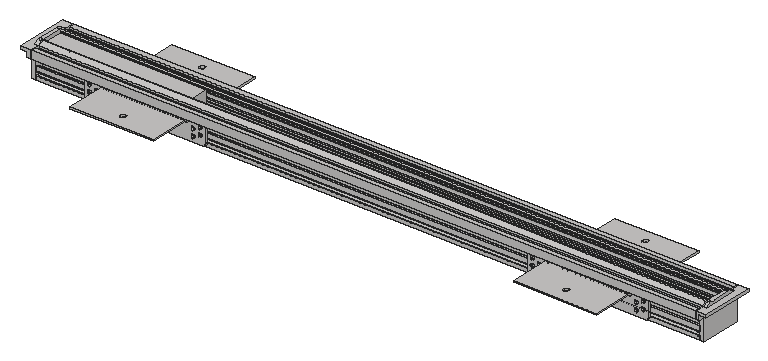
Revit family "Lighting - Luminii - Stenos - Trimless Recessed Track Master Assembly", category Lighting Fixtures, host Face, Revit 2020
Family settings
  Host = Face
  Round Connector Dimension = Use Diameter
  Part Type = Normal
  OmniClass Number = 23.80.70.11.14.21
  OmniClass Title = Spots and Tracklight Specialties
  Cut with Voids When Loaded = No
  Light Source = No
  Shared = Yes
  Room Calculation Point = No
Parameters (values of type "Stenos Trimless - 24"")
  Width = 1.92"  # constant formula
  Wattage Comments = "96 W Max per Track"  # constant formula
  Warranty URL = "https://www.luminii.com/terms-conditions/"
  Voltage Comments = "24 VDC"  # constant formula
  Voltage = 24 V  # constant formula
  Version = "2020 - v1.0a"  # constant formula
  URL = "https://www.luminii.com/"
  Support Phone = "224-699-9545"  # constant formula
  Support Email = "mailto:support@bimsmith.com"
  Right Power Module = no
  Right Cap [instance] = yes
  Product Page URL = "https://www.luminii.com/product/stenos-recessed-trimless-track/"
  Power Source Type = "Driver"  # constant formula
  Power Factor = 1
  Phase = 1
  Orientation 2 [instance] = not(Orientation 1)  # no
  Orientation 1 [instance] = yes
  Number of Poles = if(and(or(Voltage = 120 V, Voltage = 277 V), Phase = 1), 1, if(and(or(Voltage = 208 V, Voltage = 240 V), Phase = 1), 2, if(and(or(Voltage = 208 V, Voltage = 240 V), Phase = 3), 3, if(and(Voltage > 300 V, Phase = 1), 2, if(and(Voltage > 400 V, Phase = 3), 3, 1)))))  # 1
  Model = "STL"  # constant formula
  Manufacturer Phone Number = "403-216-7043"  # constant formula
  Manufacturer Email = "mailto: info@sensolighting.com"
  Manufacturer Address = "302 50 Ave SE. Calgary, Alberta, T2G 2A9 Canada"  # constant formula
  Manufacturer = "Luminii"  # constant formula
  Load Classification = Lighting
  Length = if(Constraints = 1, 24", if(Constraints = 2, 48", if(Constraints = 3, 96", if(Constraints = 4, 144", 24"))))  # 24"
  Left Power Module [instance] = yes
  Left Cap [instance] = yes
  Lamp = "N/A"  # constant formula
  Keynote = "26 50 00"
  Hole Location Option = 1
  Hole Location Description [instance] = if(Orientation 1, (if(Hole Location Option = 1, "A", if(Hole Location Option = 2, "B", if(Hole Location Option = 3, "C", if(Hole Location Option = 4, "D", "Not Valid Configuration"))))), (if(Hole Location Option = 1, "E", if(Hole Location Option = 2, "F", if(Hole Location Option = 3, "G", if(Hole Location Option = 4, "H", "Not Valid Configuration"))))))  # "A"
  Frequency Comments = ""  # constant formula
  Frequency = 60 Hz
  Finish = Metal - Luminii - Silver Anodized Aluminum
  Environment = "Indoor"  # constant formula
  Drywall Thickness [instance] = if(Orientation 1, (if(Hole Location Option = 1, 3" / 8, if(Hole Location Option = 2, 1" / 2, if(Hole Location Option = 3, 5" / 8, 3" / 4)))), (if(Hole Location Option = 1, 3" / 4 + 0.1252", if(Hole Location Option = 2, 7" / 8 + 0.1252", if(Hole Location Option = 3, 1" + 0.1252", 1.1252" + 0.1252")))))  # 3/8"
  Description = "Recessed Micro Optic Track System"  # constant formula
  Depth = 1 1/8"  # constant formula
  Default Elevation = 0"  # constant formula
  Current Amps = 50 A
  Copyright = "©2023 Luminii"  # constant formula
  Constraints = 1
  built-in parameter 1114216 [instance] = 0  # (empty or 0)
  built-in parameter 1140040 [instance] = 1 = 1  # 1
  C Right Cap Offset [instance] = if(Right Cap, 0.3752", 0")  # 0.3752"
  C Length Mid = Length / 2  # 12"
  C Left Cap Offset [instance] = if(Left Cap, 0.3752", 0")  # 0.3752"
  C End Cap Right [instance] = if(Right Cap, 1" / 8, 0")  # 1/8"
  C End Cap Left [instance] = if(Left Cap, 1" / 8, 0")  # 1/8"
  Assembly Comments [instance] = "Consult Manufacturer Website for more Information"  # constant formula
  Assembly Code = "D5020230"
  Apparent Load = 4 VA  # constant formula
Types (4): name | Length | Constraints | C Length Mid
  Stenos Trimless - 24" | 24" | 1 | 12"
  Stenos Trimless - 48" | 48" | 2 | 24"
  Stenos Trimless - 96" | 96" | 3 | 48"
  Stenos Trimless - 144" | 144" | 4 | 72"
Reference planes (in)
  plane 1 "Center (Front/Back)": y = 0
  plane 2: z = 0
  plane 3 "Center (Left/Right)": x = 0
  plane 4: x = -12
  plane 5: x = 12
  plane 6: y = 0.96
  plane 7: y = -0.96
  plane 8 "A": z = 0
  plane 9: x = -12.125
  plane 10: x = 12.125
  plane 11: z = 3.115
Forms (in)
  Extrusion 1, solid, material "Metal - Luminii - Silver Anodized Aluminum", not visible
    sketch origin (0, 0, 0) x (1, 0, 0) y (0, 1, 0)
      loop
        circle (0, 0) r 0.5
    from 0 to -0.17225
  Sweep 2, void
    path origin (0, 0, 0) x (1, 0, 0) y (0, 1, 0)
      loop
        line (12.3752, 0) -> (-12.3752, 0)
    profile origin (0, 0, 0) x (0, -1, 0) y (0, 0, 1)
      loop
        line (-0.96, 0) -> (-0.96, -1.047) -> (0.96, -1.047) -> (0.96, 0) -> (-0.96, 0)
Dimensions and locks (in)
  equal spacing: plane 4, plane 3 "Center (Left/Right)", plane 5
  equal spacing: plane 6, plane 1 "Center (Front/Back)", plane 7
  "Width": plane 6 to plane 7
  "C End Cap Right": plane 5 to plane 10
  "C End Cap Left": plane 9 to plane 4
  level to Sweep 2 sketch curve = 1.047"
  "C Length Mid": plane 4 to plane 3 "Center (Left/Right)"
  "C Length Mid": plane 3 "Center (Left/Right)" to plane 5
  "C Left Cap Offset": Sweep 2 sketch curve to plane 4
  "C Right Cap Offset": plane 5 to Sweep 2 sketch curve
  aligned and locked: host face to plane 2
  aligned and locked: plane 3 "Center (Left/Right)" to Extrusion 1 sketch curve
  aligned and locked: plane 1 "Center (Front/Back)" to Extrusion 1 sketch curve
  aligned and locked: plane 2 to Extrusion 1  (x2)
  aligned and locked: nested 1 to plane 4
  aligned and locked: plane 1 "Center (Front/Back)" to nested 1
  aligned and locked: plane 4 to nested 2
  aligned and locked: plane 1 "Center (Front/Back)" to nested 2
  aligned and locked: plane 5 to nested 3
  aligned and locked: plane 1 "Center (Front/Back)" to nested 3
  aligned and locked: Sweep 2 sketch curve to level
  aligned and locked: Sweep 2 sketch curve to plane 6
  aligned and locked: plane 7 to Sweep 2 sketch curve
Automatic sketch dimensions
  host sketch curve to host sketch curve = 193.24349"
  host sketch curve to host sketch curve = 99"
  plane 1 "Center (Front/Back)" to Sweep 2 sketch curve = 0"
  radius of Extrusion 1 sketch curve = 1/2"
Nested families (in)
  nested 1: "Nested - Track" at (0, 0, 0), type "Nested - Track"
  nested 2: "Nested - Stopper" at (-9.35827, 0, 0), visible <- "Left Power Module", type "Nested - Stopper"
  nested 3: "Nested - Stopper" at (9.35827, 0, 0), visible <- "Right Power Module", type "Nested - Stopper"
Connectors (in)
  electrical at (0, 0, 0), driven by "Number of Poles", driven by "Load Classification", driven by "Voltage", driven by "Apparent Load", driven by "Power Factor"
    settings: on Extrusion 1, index 1, voltage 24 V, apparent load 4 VA, apparent load phase1 0 VA, apparent load phase2 0 VA, apparent load phase3 0 VA, power factor 1, load classification "Lighting", number of poles 1, system type 30, power factor state 1, is connector primary yes, connector utility no, sub classification motor no, connector description "Power Connection"
Definition of nested family "Nested - Track"
  Parameters (values of type "Nested - Track")
    Support Count = (roundup((Length - 8") / 18") + 1)  # 2
    Right Cap = yes
    Orientation 2 = not(Orientation 1)  # no
    Orientation 1 = yes
    Length = 24"
    Left Cap = yes
    Hole Location Option = 1
    Finish = none
    Drywall Thickness = if(Orientation 1, (if(Hole Location Option = 1, 3" / 8, if(Hole Location Option = 2, 1" / 2, if(Hole Location Option = 3, 5" / 8, 3" / 4)))), (if(Hole Location Option = 1, 3" / 4 + 1/8", if(Hole Location Option = 2, 7" / 8 + 1/8", if(Hole Location Option = 3, 1" + 1/8", 1 1/8" + 1/8")))))  # 3/8"
    Default Elevation = 48"
  Reference planes (in)
    plane 1 "Center (Front/Back)": y = 0
    plane 2: z = 0
    plane 3 "Center (Left/Right)": x = 0
    plane 4: x = -12
    plane 5: x = 12
    plane 6: x = 12.125
    plane 7: x = -12.125
    plane 8 "A": z = -0.375
    plane 9: x = 8
    plane 10: x = -8
  Forms (in)
    Extrusion 1, solid
      sketch origin (0, 0, 0) x (1, 0, 0) y (0, 1, 0)
        loop
          line (-48, 48) -> (-48, -48) -> (48, -48) -> (48, 48) -> (-48, 48)
      from 0 to -12
    Sweep 2, solid, material <- "Finish"
      path origin (0, 0, 0) x (1, 0, 0) y (0, 1, 0)
        loop
          line (-12, 0) -> (12, 0)
      profile origin (0, 0, 0) x (0, 1, 0) y (0, 0, 1)
        loop
          arc (0.44085, 0.09263) -> (0.41709, 0.10064) -> (0.39203, 0.1) r 0.07178
          line (0.39203, 0.1) -> (0.3545, 0.04749) -> (0.3545, 0.015) -> (0.4195, 0.015) -> (0.4195, -0.085) -> (0.3545, -0.085)
          arc (0.3545, -0.085) -> (0.36511, -0.15259) -> (0.3545, -0.22018) r 0.2206
          arc (0.3545, -0.22018) -> (0.343, -0.25148) -> (0.35375, -0.28305) r 0.05
          arc (0.35375, -0.28305) -> (0.36416, -0.30825) -> (0.35982, -0.33516) r 0.05
          line (0.35982, -0.33516) -> (0.3385, -0.38087) -> (0.3385, -0.453) -> (0.3935, -0.453) -> (0.3935, -0.563) -> (0.2575, -0.563) -> (0.2575, -0.61418) -> (0.33858, -0.61418) -> (0.33858, -0.68505) -> (0, -0.68505) -> (-0.33858, -0.68505) -> (-0.33858, -0.61418) -> (-0.2575, -0.61418) -> (-0.2575, -0.563) -> (-0.3935, -0.563) -> (-0.3935, -0.453) -> (-0.3385, -0.453) -> (-0.3385, -0.38087) -> (-0.35982, -0.33516)
          arc (-0.35982, -0.33516) -> (-0.36416, -0.30825) -> (-0.35375, -0.28305) r 0.05
          arc (-0.35375, -0.28305) -> (-0.343, -0.25148) -> (-0.3545, -0.22018) r 0.05
          arc (-0.3545, -0.22018) -> (-0.36511, -0.15259) -> (-0.3545, -0.085) r 0.2206
          line (-0.3545, -0.085) -> (-0.4195, -0.085) -> (-0.4195, 0.015) -> (-0.3545, 0.015) -> (-0.3545, 0.04749) -> (-0.39203, 0.1)
          arc (-0.39203, 0.1) -> (-0.41709, 0.10064) -> (-0.44085, 0.09263) r 0.07178
          line (-0.44085, 0.09263) -> (-0.61, 0) -> (-0.61, -0.07) -> (-0.5025, -0.07) -> (-0.5025, -0.205) -> (-0.8875, -0.205) -> (-0.8875, -0.07) -> (-0.78, -0.07) -> (-0.78, 0) -> (-0.9575, 0) -> (-0.9575, -0.275) -> (-0.65895, -0.275) -> (-0.65895, -0.32788) -> (-0.7425, -0.32788) -> (-0.7425, -0.39288) -> (-0.65156, -0.39288) -> (-0.58578, -0.36894)
          arc (-0.58578, -0.36894) -> (-0.4705, -0.2955) -> (-0.54394, -0.41078) r 0.07
          line (-0.54394, -0.41078) -> (-0.56788, -0.47656)
          arc (-0.56788, -0.47656) -> (-0.53233, -0.48446) -> (-0.49594, -0.48292) r 0.14
          arc (-0.49594, -0.48292) -> (-0.47963, -0.48731) -> (-0.4725, -0.50262) r 0.02
          line (-0.4725, -0.50262) -> (-0.4725, -0.712) -> (-0.6725, -0.712) -> (-0.6725, -0.592) -> (-0.7425, -0.592) -> (-0.7425, -0.77975)
          arc (-0.7425, -0.77975) -> (-0.72782, -0.78945) -> (-0.71188, -0.782) r 0.018
          line (-0.71188, -0.782) -> (-0.5105, -0.792) -> (-0.5105, -0.897) -> (-0.71188, -0.907)
          arc (-0.71188, -0.907) -> (-0.72782, -0.89955) -> (-0.7425, -0.90925) r 0.018
          line (-0.7425, -0.90925) -> (-0.7425, -1.047) -> (-0.6725, -1.047) -> (-0.6725, -0.977) -> (-0.31126, -0.977) -> (-0.2925, -0.907) -> (-0.3925, -0.907) -> (-0.3925, -0.772) -> (0.3925, -0.772) -> (0.3925, -0.907) -> (0.2925, -0.907) -> (0.31126, -0.977) -> (0.6725, -0.977) -> (0.6725, -1.047) -> (0.7425, -1.047) -> (0.7425, -0.90925)
          arc (0.7425, -0.90925) -> (0.72782, -0.89955) -> (0.71188, -0.907) r 0.018
          line (0.71188, -0.907) -> (0.5105, -0.897) -> (0.5105, -0.792) -> (0.71188, -0.782)
          arc (0.71188, -0.782) -> (0.72782, -0.78945) -> (0.7425, -0.77975) r 0.018
          line (0.7425, -0.77975) -> (0.7425, -0.592) -> (0.6725, -0.592) -> (0.6725, -0.712) -> (0.4725, -0.712) -> (0.4725, -0.50262)
          arc (0.4725, -0.50262) -> (0.47963, -0.48731) -> (0.49594, -0.48292) r 0.02
          arc (0.49594, -0.48292) -> (0.53233, -0.48446) -> (0.56788, -0.47656) r 0.14
          line (0.56788, -0.47656) -> (0.54394, -0.41078)
          arc (0.54394, -0.41078) -> (0.4705, -0.2955) -> (0.58578, -0.36894) r 0.07
          line (0.58578, -0.36894) -> (0.65156, -0.39288) -> (0.7425, -0.39288) -> (0.7425, -0.32788) -> (0.65895, -0.32788) -> (0.65895, -0.275) -> (0.9575, -0.275) -> (0.9575, 0) -> (0.78, 0) -> (0.78, -0.07) -> (0.8875, -0.07) -> (0.8875, -0.205) -> (0.5025, -0.205) -> (0.5025, -0.07) -> (0.61, -0.07) -> (0.61, 0) -> (0.44085, 0.09263)
    Sweep 3, solid, material <- "Finish", visible <- "Right Cap"
      path origin (28, 0, 0) x (1, 0, 0) y (0, 1, 0)
        loop
          line (-16, 0) -> (-15.875, 0)
      profile origin (12.0625, 0, 0) x (0, 1, 0) y (0, 0, 1)
        loop
          line (0.9575, 0) -> (0.61, 0) -> (0.44085, 0.09263)
          arc (0.44085, 0.09263) -> (0.41709, 0.10064) -> (0.39203, 0.1) r 0.07178
          line (0.39203, 0.1) -> (-0.39203, 0.1)
          arc (-0.39203, 0.1) -> (-0.41709, 0.10064) -> (-0.44085, 0.09263) r 0.07178
          line (-0.44085, 0.09263) -> (-0.61, 0) -> (-0.9575, 0) -> (-0.9575, -0.275) -> (-0.7425, -0.275) -> (-0.7425, -1.047) -> (0.7425, -1.047) -> (0.7425, -0.275) -> (0.9575, -0.275) -> (0.9575, 0)
    Extrusion 4, solid, material <- "Finish", visible <- "Right Cap"
      sketch origin (0, 0, 0) x (1, 0, 0) y (0, 1, 0)
        loop
          line (12.375, 0.9575) -> (12.125, 0.9575) -> (12.125, -0.9575) -> (12.375, -0.9575) -> (12.375, 0.9575)
      from 0 to -0.1
    Sweep 5, solid, material <- "Finish", visible <- "Left Cap"
      path origin (-28, 0, 0) x (-1, 0, 0) y (0, 1, 0)
        loop
          line (-16, 0) -> (-15.875, 0)
      profile origin (-12.0625, 0, 0) x (0, -1, 0) y (0, 0, 1)
        loop
          line (0.39203, 0.1) -> (-0.39203, 0.1)
          arc (-0.39203, 0.1) -> (-0.41709, 0.10064) -> (-0.44085, 0.09263) r 0.07178
          line (-0.44085, 0.09263) -> (-0.61, 0) -> (-0.9575, 0) -> (-0.9575, -0.275) -> (-0.7425, -0.275) -> (-0.7425, -1.047) -> (0.7425, -1.047) -> (0.7425, -0.275) -> (0.9575, -0.275) -> (0.9575, 0) -> (0.61, 0) -> (0.44085, 0.09263)
          arc (0.44085, 0.09263) -> (0.41709, 0.10064) -> (0.39203, 0.1) r 0.07178
    Extrusion 6, solid, material <- "Finish", visible <- "Left Cap"
      sketch origin (0, 0, 0) x (-1, 0, 0) y (0, -1, 0)
        loop
          line (12.375, -0.9575) -> (12.375, 0.9575) -> (12.125, 0.9575) -> (12.125, -0.9575) -> (12.375, -0.9575)
      from 0 to -0.1
  Cuts and joins
    joined: Sweep 3, Extrusion 4
    joined: Sweep 5, Extrusion 6
  Dimensions and locks (in)
    equal spacing: plane 4, plane 3 "Center (Left/Right)", plane 5
    "Length": plane 4 to plane 5
    locked: plane 7 to plane 4 at 0.125
    locked: plane 5 to plane 6 at 0.125
    locked: plane 6 to cut or joined group of Sweep 3, Extrusion 4 at 0.25
    locked: Extrusion 6 to plane 7 at 0.25
    "Drywall Thickness": plane 2 to plane 8 "A"
    locked: plane 5 to plane 9 at 4
    locked: plane 10 to plane 4 at 4
    group 1 to group 2 = 16"
    group 1 to group 2 = 0"  (x2)
    aligned and locked: plane 2 to Extrusion 1
    aligned and locked: level to Extrusion 1
    aligned and locked: plane 4 to Sweep 2 sketch curve
    aligned and locked: plane 1 "Center (Front/Back)" to Sweep 2 sketch curve
    aligned and locked: plane 5 to Sweep 2 sketch curve
    aligned and locked: plane 1 "Center (Front/Back)" to Sweep 3 sketch curve
    aligned and locked: plane 6 to Sweep 3 sketch curve
    aligned and locked: plane 5 to Sweep 3 sketch curve
    aligned and locked: plane 7 to Sweep 5 sketch curve
    aligned and locked: plane 4 to Sweep 5 sketch curve
    aligned and locked: Sweep 5 sketch curve to plane 1 "Center (Front/Back)"
    aligned and locked: Extrusion 6 to plane 7
    aligned and locked: cut or joined group of Sweep 3, Extrusion 4 to plane 6
    aligned and locked: plane 1 "Center (Front/Back)" to nested 1
    aligned and locked: plane 10 to nested 1
    aligned and locked: plane 9 to nested 2
    aligned and locked: plane 1 "Center (Front/Back)" to nested 2
  Automatic sketch dimensions
    Extrusion 1 sketch curve to Extrusion 1 sketch curve = 96"  (x2)
    Sweep 2 sketch curve to Sweep 2 sketch curve = 0"  (x8)
    Sweep 2 sketch curve to level = 0"  (x4)
    Sweep 2 sketch curve to profile plane = 0"
    profile plane to Sweep 2 sketch curve = 0.14451"
    profile plane to Sweep 2 sketch curve = 0.2575"
    profile plane to Sweep 2 sketch curve = 0.2925"
    Sweep 2 sketch curve to Sweep 2 sketch curve = 0.01876"  (x2)
    Sweep 2 sketch curve to Sweep 2 sketch curve = 0.16999"  (x2)
    Sweep 2 sketch curve to Sweep 2 sketch curve = 0.024"  (x2)
    Sweep 2 sketch curve to Sweep 2 sketch curve = 0.08108"  (x2)
    level to Sweep 2 sketch curve = 0.015"  (x2)
    Sweep 2 sketch curve to Sweep 2 sketch curve = 0.20999"  (x2)
    Sweep 2 sketch curve to Sweep 2 sketch curve = 0.04532"  (x2)
    level to Sweep 2 sketch curve = 0.1"  (x2)
    Sweep 2 sketch curve to Sweep 2 sketch curve = 0.03753"  (x2)
    Sweep 2 sketch curve to Sweep 2 sketch curve = 0.1"
    Sweep 2 sketch curve to Sweep 2 sketch curve = 0.03318"  (x2)
    Sweep 2 sketch curve to Sweep 2 sketch curve = 0.05492"
    Sweep 2 sketch curve to Sweep 2 sketch curve = 0.05187"  (x2)
    Sweep 2 sketch curve to Sweep 2 sketch curve = 0.01313"  (x2)
    level to Sweep 2 sketch curve = 0.09263"  (x2)
    Sweep 2 sketch curve to Sweep 2 sketch curve = 0.04882"  (x2)
    Sweep 2 sketch curve to Sweep 2 sketch curve = 0.079"
    Sweep 2 sketch curve to Sweep 2 sketch curve = 0.02"  (x2)
    Sweep 2 sketch curve to Sweep 2 sketch curve = 0.1095"
    Sweep 2 sketch curve to Sweep 2 sketch curve = 0.038"
    Sweep 2 sketch curve to Sweep 2 sketch curve = 0.0175"  (x2)
    Sweep 2 sketch curve to Sweep 2 sketch curve = 0.02394"  (x6)
    Sweep 2 sketch curve to level = 0.36894"  (x2)
    Sweep 2 sketch curve to Sweep 2 sketch curve = 0.04184"  (x4)
    Sweep 2 sketch curve to Sweep 2 sketch curve = 0.1075"  (x4)
    Sweep 2 sketch curve to Sweep 2 sketch curve = 0.06578"  (x4)
    Sweep 2 sketch curve to Sweep 2 sketch curve = 0.00739"  (x2)
    Sweep 2 sketch curve to Sweep 2 sketch curve = 0.162"  (x4)
    Sweep 2 sketch curve to Sweep 2 sketch curve = 0.03938"  (x4)
    Sweep 2 sketch curve to Sweep 2 sketch curve = 0.01462"  (x4)
    Sweep 2 sketch curve to Sweep 2 sketch curve = 0.07"  (x11)
    Sweep 2 sketch curve to Sweep 2 sketch curve = 0.09094"
    Sweep 2 sketch curve to level = 0.07"  (x2)
    Sweep 2 sketch curve to Sweep 2 sketch curve = 0.17"  (x2)
    Sweep 2 sketch curve to profile plane = 0.14451"
    Sweep 2 sketch curve to profile plane = 0.2575"
    Sweep 2 sketch curve to profile plane = 0.2925"
    Sweep 2 sketch curve to level = 0.085"  (x2)
    Sweep 2 sketch curve to Sweep 2 sketch curve = 0.05392"
    Sweep 2 sketch curve to Sweep 2 sketch curve = 0.055"
    Sweep 2 sketch curve to Sweep 2 sketch curve = 0.08"  (x3)
    Sweep 2 sketch curve to Sweep 2 sketch curve = 0.083"
    Sweep 2 sketch curve to Sweep 2 sketch curve = 0.118"
    Sweep 2 sketch curve to Sweep 2 sketch curve = 0.016"
    Sweep 2 sketch curve to Sweep 2 sketch curve = 0.08355"
    Sweep 2 sketch curve to Sweep 2 sketch curve = 0.01193"  (x2)
    Sweep 2 sketch curve to Sweep 2 sketch curve = 0.07213"  (x2)
    Sweep 2 sketch curve to Sweep 2 sketch curve = 0.04962"  (x2)
    Sweep 2 sketch curve to Sweep 2 sketch curve = 0.11"
    Sweep 2 sketch curve to Sweep 2 sketch curve = 0.06038"
    Sweep 2 sketch curve to Sweep 2 sketch curve = 0.19912"  (x2)
    Sweep 2 sketch curve to Sweep 2 sketch curve = 0.05118"  (x2)
    Sweep 2 sketch curve to Sweep 2 sketch curve = 0.07087"
    Sweep 2 sketch curve to Sweep 2 sketch curve = 0.02695"  (x2)
    Sweep 2 sketch curve to Sweep 2 sketch curve = 0.0595"  (x2)
    Sweep 2 sketch curve to Sweep 2 sketch curve = 0.06"
    Sweep 2 sketch curve to Sweep 2 sketch curve = 0.00825"  (x2)
    Sweep 2 sketch curve to Sweep 2 sketch curve = 0.105"  (x2)
    Sweep 2 sketch curve to Sweep 2 sketch curve = 0.01"
    Sweep 2 sketch curve to Sweep 2 sketch curve = 0.135"
    Sweep 2 sketch curve to Sweep 2 sketch curve = 1/8"  (x2)
    Sweep 2 sketch curve to Sweep 2 sketch curve = 0.00225"  (x2)
    Sweep 2 sketch curve to Sweep 2 sketch curve = 0.04571"  (x2)
    Sweep 2 sketch curve to Sweep 2 sketch curve = 0.065"  (x2)
    Sweep 2 sketch curve to Sweep 2 sketch curve = 0.02113"  (x2)
    Sweep 2 sketch curve to Sweep 2 sketch curve = 0.05288"  (x2)
    Sweep 2 sketch curve to Sweep 2 sketch curve = 0.08308"  (x2)
    Sweep 2 sketch curve to Sweep 2 sketch curve = 0.04708"  (x2)
    Sweep 2 sketch curve to level = 0.15259"  (x2)
    Sweep 2 sketch curve to Sweep 2 sketch curve = 0.03249"  (x2)
    Sweep 3 sketch curve to level = 0"  (x2)
    profile plane to Sweep 3 sketch curve = 0.9575"
    Sweep 3 sketch curve to Sweep 3 sketch curve = 0.215"  (x2)
    Sweep 3 sketch curve to Sweep 3 sketch curve = 0.1325"  (x2)
    level to Sweep 3 sketch curve = 0.09263"  (x2)
    Sweep 3 sketch curve to Sweep 3 sketch curve = 0.16915"  (x2)
    level to Sweep 3 sketch curve = 0.02967"  (x2)
    Sweep 3 sketch curve to Sweep 3 sketch curve = 0.03447"
    Sweep 3 sketch curve to Sweep 3 sketch curve = 0.04882"
    Sweep 3 sketch curve to profile plane = 0.39203"
    Sweep 3 sketch curve to Sweep 3 sketch curve = 0.01434"
    Sweep 3 sketch curve to Sweep 3 sketch curve = 0.275"  (x2)
    Extrusion 4 sketch curve to plane 6 = 0"
    plane 6 to Extrusion 4 sketch curve = 1/4"
    plane 1 "Center (Front/Back)" to Extrusion 4 sketch curve = 0.9575"
    Extrusion 4 sketch curve to plane 1 "Center (Front/Back)" = 0.9575"
    Sweep 5 sketch curve to level = 0"  (x2)
    Sweep 5 sketch curve to Sweep 5 sketch curve = 0.1325"
    level to Sweep 5 sketch curve = 0.09263"  (x2)
    Sweep 5 sketch curve to Sweep 5 sketch curve = 0.16915"  (x2)
    level to Sweep 5 sketch curve = 0.02967"  (x2)
    Sweep 5 sketch curve to Sweep 5 sketch curve = 0.03447"
    Sweep 5 sketch curve to Sweep 5 sketch curve = 0.04882"
    Sweep 5 sketch curve to profile plane = 0.39203"
    Sweep 5 sketch curve to Sweep 5 sketch curve = 0.01434"
    Sweep 5 sketch curve to Sweep 5 sketch curve = 0.215"  (x2)
    Sweep 5 sketch curve to level = 0.275"
    Sweep 5 sketch curve to Sweep 5 sketch curve = 0.275"
    Extrusion 6 sketch curve to plane 7 = 0"
    Extrusion 6 sketch curve to plane 7 = 1/4"
    Extrusion 6 sketch curve to plane 1 "Center (Front/Back)" = 0.9575"
    plane 1 "Center (Front/Back)" to Extrusion 6 sketch curve = 0.9575"
    Sweep 3 sketch curve to Sweep 3 sketch curve = 0.772"
    Sweep 5 sketch curve to Sweep 5 sketch curve = 0.772"
    profile plane to Sweep 5 sketch curve = 0.7425"
    Sweep 5 sketch curve to Sweep 5 sketch curve = 1.485"
  Nested families (in)
    nested 1: "Nested - Support" at (-8, 0, -0.375), type "Default"
      with Orientation 2 yes, Orientation 1 no
    nested 2: "Nested - Support" at (8, 0, -0.375), type "Default"
      with Orientation 2 yes, Orientation 1 no
  Definition of nested family "Nested - Support"
    Parameters (values of type "Family3")
      Orientation 2 = no
      Orientation 1 = not(Orientation 2)  # yes
      Material = none
      Default Elevation = 48"
    Reference planes (in)
      plane 1 "Center (Front/Back)": y = 0
      plane 2: z = 0
      plane 3 "Center (Left/Right)": x = 0
    Forms (in)
      Extrusion 1, solid
        sketch origin (0, 0, 0) x (1, 0, 0) y (0, 1, 0)
          loop
            line (-48, 48) -> (-48, -48) -> (48, -48) -> (48, 48) -> (-48, 48)
        from 0 to -12
      Extrusion 2, solid, material <- "Material", visible <- "Orientation 2"
        sketch origin (0, 0, -0.04724) x (1, 0, 0) y (0, 0, 1)
          loop
            line (-1.56, -0.04724) -> (-1.56, 0.03474)
            arc (-1.56, 0.03474) -> (-1.58929, 0.10545) -> (-1.66, 0.13474) r 0.1
            line (-1.66, 0.13474) -> (-2.085, 0.13474)
            arc (-2.085, 0.13474) -> (-2.15571, 0.10545) -> (-2.185, 0.03474) r 0.1
            line (-2.185, 0.03474) -> (-2.185, -0.50276)
            arc (-2.185, -0.50276) -> (-2.15571, -0.57347) -> (-2.085, -0.60276) r 0.1
            line (-2.085, -0.60276) -> (-1.5, -0.60276) -> (-1.5, -0.04724) -> (-1.56, -0.04724)
          loop
            line (1.56, -0.04724) -> (1.5, -0.04724) -> (1.5, -0.60276) -> (2.085, -0.60276)
            arc (2.085, -0.60276) -> (2.15571, -0.57347) -> (2.185, -0.50276) r 0.1
            line (2.185, -0.50276) -> (2.185, 0.03474)
            arc (2.185, 0.03474) -> (2.15571, 0.10545) -> (2.085, 0.13474) r 0.1
            line (2.085, 0.13474) -> (1.66, 0.13474)
            arc (1.66, 0.13474) -> (1.58929, 0.10545) -> (1.56, 0.03474) r 0.1
            line (1.56, 0.03474) -> (1.56, -0.04724)
          loop
            circle (-1.99748, -0.04656) r 0.07961
          loop
            circle (-1.99748, -0.29656) r 0.07961
          loop
            circle (-1.74741, -0.17145) r 0.07961
          loop
            circle (-1.74741, -0.42145) r 0.07961
          loop
            circle (1.99748, -0.04656) r 0.07961
          loop
            circle (1.99748, -0.29656) r 0.07961
          loop
            circle (1.74741, -0.17145) r 0.07961
          loop
            circle (1.74741, -0.42145) r 0.07961
        from 0.7425 to 0.78974
      Extrusion 3, solid, material <- "Material", visible <- "Orientation 2"
        sketch origin (0, 0, -0.04724) x (0, 1, 0) y (0, 0, 1)
          loop
            line (-2.295, 0.04724) -> (-2.295, 0) -> (-0.83699, 0)
            arc (-0.83699, 0) -> (-0.80358, -0.01384) -> (-0.78974, -0.04724) r 0.04724
            line (-0.78974, -0.04724) -> (-0.78974, -0.60276) -> (-0.7425, -0.60276) -> (-0.7425, -0.04724)
            arc (-0.7425, -0.04724) -> (-0.77017, 0.01957) -> (-0.83699, 0.04724) r 0.09449
            line (-0.83699, 0.04724) -> (-2.295, 0.04724)
        from -1.5 to 1.5
      Extrusion 4, void
        sketch origin (0, 0, 0) x (1, 0, 0) y (0, 1, 0)
          loop
            circle (0, 1.79502) r 0.10061
          loop
            circle (0, -1.79502) r 0.10061
        from -2.13279 to 2.10119
      Extrusion 5, solid, material <- "Material", visible <- "Orientation 2"
        sketch origin (0, 0, -0.04724) x (1, 0, 0) y (0, 0, -1)
          loop
            line (-1.56, 0.04724) -> (-1.5, 0.04724) -> (-1.5, 0.60276) -> (-2.085, 0.60276)
            arc (-2.085, 0.60276) -> (-2.15571, 0.57347) -> (-2.185, 0.50276) r 0.1
            line (-2.185, 0.50276) -> (-2.185, -0.03474)
            arc (-2.185, -0.03474) -> (-2.15571, -0.10545) -> (-2.085, -0.13474) r 0.1
            line (-2.085, -0.13474) -> (-1.66, -0.13474)
            arc (-1.66, -0.13474) -> (-1.58929, -0.10545) -> (-1.56, -0.03474) r 0.1
            line (-1.56, -0.03474) -> (-1.56, 0.04724)
          loop
            line (1.56, 0.04724) -> (1.56, -0.03474)
            arc (1.56, -0.03474) -> (1.58929, -0.10545) -> (1.66, -0.13474) r 0.1
            line (1.66, -0.13474) -> (2.085, -0.13474)
            arc (2.085, -0.13474) -> (2.15571, -0.10545) -> (2.185, -0.03474) r 0.1
            line (2.185, -0.03474) -> (2.185, 0.50276)
            arc (2.185, 0.50276) -> (2.15571, 0.57347) -> (2.085, 0.60276) r 0.1
            line (2.085, 0.60276) -> (1.5, 0.60276) -> (1.5, 0.04724) -> (1.56, 0.04724)
          loop
            circle (-1.99748, 0.04656) r 0.07961
          loop
            circle (-1.99748, 0.29656) r 0.07961
          loop
            circle (-1.74741, 0.17145) r 0.07961
          loop
            circle (-1.74741, 0.42145) r 0.07961
          loop
            circle (1.99748, 0.04656) r 0.07961
          loop
            circle (1.99748, 0.29656) r 0.07961
          loop
            circle (1.74741, 0.17145) r 0.07961
          loop
            circle (1.74741, 0.42145) r 0.07961
        from 0.7425 to 0.78974
      Extrusion 6, solid, material <- "Material", visible <- "Orientation 2"
        sketch origin (0, 0, -0.04724) x (0, -1, 0) y (0, 0, -1)
          loop
            line (-2.295, -0.04724) -> (-0.83699, -0.04724)
            arc (-0.83699, -0.04724) -> (-0.77017, -0.01957) -> (-0.7425, 0.04724) r 0.09449
            line (-0.7425, 0.04724) -> (-0.7425, 0.60276) -> (-0.78974, 0.60276) -> (-0.78974, 0.04724)
            arc (-0.78974, 0.04724) -> (-0.80358, 0.01384) -> (-0.83699, 0) r 0.04724
            line (-0.83699, 0) -> (-2.295, 0) -> (-2.295, -0.04724)
        from -1.5 to 1.5
      Extrusion 7, solid, material <- "Material", visible <- "Orientation 1"
        sketch origin (0, 0, 0) x (1, 0, 0) y (0, 0, 1)
          loop
            line (-1.56, 0.04724) -> (-1.5, 0.04724) -> (-1.5, 0.60276) -> (-2.085, 0.60276)
            arc (-2.085, 0.60276) -> (-2.15571, 0.57347) -> (-2.185, 0.50276) r 0.1
            line (-2.185, 0.50276) -> (-2.185, -0.03474)
            arc (-2.185, -0.03474) -> (-2.15571, -0.10545) -> (-2.085, -0.13474) r 0.1
            line (-2.085, -0.13474) -> (-1.66, -0.13474)
            arc (-1.66, -0.13474) -> (-1.58929, -0.10545) -> (-1.56, -0.03474) r 0.1
            line (-1.56, -0.03474) -> (-1.56, 0.04724)
          loop
            line (1.56, 0.04724) -> (1.56, -0.03474)
            arc (1.56, -0.03474) -> (1.58929, -0.10545) -> (1.66, -0.13474) r 0.1
            line (1.66, -0.13474) -> (2.085, -0.13474)
            arc (2.085, -0.13474) -> (2.15571, -0.10545) -> (2.185, -0.03474) r 0.1
            line (2.185, -0.03474) -> (2.185, 0.50276)
            arc (2.185, 0.50276) -> (2.15571, 0.57347) -> (2.085, 0.60276) r 0.1
            line (2.085, 0.60276) -> (1.5, 0.60276) -> (1.5, 0.04724) -> (1.56, 0.04724)
          loop
            circle (-1.99748, 0.04656) r 0.07961
          loop
            circle (-1.99748, 0.29656) r 0.07961
          loop
            circle (-1.74741, 0.17145) r 0.07961
          loop
            circle (-1.74741, 0.42145) r 0.07961
          loop
            circle (1.99748, 0.04656) r 0.07961
          loop
            circle (1.99748, 0.29656) r 0.07961
          loop
            circle (1.74741, 0.17145) r 0.07961
          loop
            circle (1.74741, 0.42145) r 0.07961
        from 0.7425 to 0.78974
      Extrusion 8, solid, material <- "Material", visible <- "Orientation 1"
        sketch origin (0, 0, 0) x (0, 1, 0) y (0, 0, 1)
          loop
            line (-2.295, -0.04724) -> (-0.83699, -0.04724)
            arc (-0.83699, -0.04724) -> (-0.77017, -0.01957) -> (-0.7425, 0.04724) r 0.09449
            line (-0.7425, 0.04724) -> (-0.7425, 0.60276) -> (-0.78974, 0.60276) -> (-0.78974, 0.04724)
            arc (-0.78974, 0.04724) -> (-0.80358, 0.01384) -> (-0.83699, 0) r 0.04724
            line (-0.83699, 0) -> (-2.295, 0) -> (-2.295, -0.04724)
        from -1.5 to 1.5
      Extrusion 9, solid, material <- "Material", visible <- "Orientation 1"
        sketch origin (0, 0, 0) x (1, 0, 0) y (0, 0, -1)
          loop
            line (-1.56, -0.04724) -> (-1.56, 0.03474)
            arc (-1.56, 0.03474) -> (-1.58929, 0.10545) -> (-1.66, 0.13474) r 0.1
            line (-1.66, 0.13474) -> (-2.085, 0.13474)
            arc (-2.085, 0.13474) -> (-2.15571, 0.10545) -> (-2.185, 0.03474) r 0.1
            line (-2.185, 0.03474) -> (-2.185, -0.50276)
            arc (-2.185, -0.50276) -> (-2.15571, -0.57347) -> (-2.085, -0.60276) r 0.1
            line (-2.085, -0.60276) -> (-1.5, -0.60276) -> (-1.5, -0.04724) -> (-1.56, -0.04724)
          loop
            line (1.56, -0.04724) -> (1.5, -0.04724) -> (1.5, -0.60276) -> (2.085, -0.60276)
            arc (2.085, -0.60276) -> (2.15571, -0.57347) -> (2.185, -0.50276) r 0.1
            line (2.185, -0.50276) -> (2.185, 0.03474)
            arc (2.185, 0.03474) -> (2.15571, 0.10545) -> (2.085, 0.13474) r 0.1
            line (2.085, 0.13474) -> (1.66, 0.13474)
            arc (1.66, 0.13474) -> (1.58929, 0.10545) -> (1.56, 0.03474) r 0.1
            line (1.56, 0.03474) -> (1.56, -0.04724)
          loop
            circle (-1.99748, -0.04656) r 0.07961
          loop
            circle (-1.99748, -0.29656) r 0.07961
          loop
            circle (-1.74741, -0.17145) r 0.07961
          loop
            circle (-1.74741, -0.42145) r 0.07961
          loop
            circle (1.99748, -0.04656) r 0.07961
          loop
            circle (1.99748, -0.29656) r 0.07961
          loop
            circle (1.74741, -0.17145) r 0.07961
          loop
            circle (1.74741, -0.42145) r 0.07961
        from 0.7425 to 0.78974
      Extrusion 10, solid, material <- "Material", visible <- "Orientation 1"
        sketch origin (0, 0, 0) x (0, -1, 0) y (0, 0, -1)
          loop
            line (-2.295, 0.04724) -> (-2.295, 0) -> (-0.83699, 0)
            arc (-0.83699, 0) -> (-0.80358, -0.01384) -> (-0.78974, -0.04724) r 0.04724
            line (-0.78974, -0.04724) -> (-0.78974, -0.60276) -> (-0.7425, -0.60276) -> (-0.7425, -0.04724)
            arc (-0.7425, -0.04724) -> (-0.77017, 0.01957) -> (-0.83699, 0.04724) r 0.09449
            line (-0.83699, 0.04724) -> (-2.295, 0.04724)
        from -1.5 to 1.5
    Cuts and joins
      Extrusion 4 cuts Extrusion 3
      joined: Extrusion 2, Extrusion 3
      Extrusion 4 cuts Extrusion 6
      joined: Extrusion 5, Extrusion 6
      Extrusion 4 cuts Extrusion 10
      joined: Extrusion 9, Extrusion 10
      Extrusion 4 cuts Extrusion 8
      joined: Extrusion 7, Extrusion 8
    Dimensions and locks (in)
      aligned and locked: plane 2 to Extrusion 1
      aligned and locked: level to Extrusion 1
Definition of nested family "Nested - Stopper"
  Parameters (values of type "Nested - Stopper")
    Length = 5.28346"
    Finish = none
    Default Elevation = 48"
  Reference planes (in)
    plane 1 "Center (Front/Back)": y = 0
    plane 2: z = 0
    plane 3 "Center (Left/Right)": x = 0
    plane 4: x = -2.64173
    plane 5: x = 2.64173
  Forms (in)
    Extrusion 1, solid
      sketch origin (0, 0, 0) x (1, 0, 0) y (0, 1, 0)
        loop
          line (-48, 48) -> (-48, -48) -> (48, -48) -> (48, 48) -> (-48, 48)
      from 0 to -12
    Sweep 2, solid, material <- "Finish"
      path origin (0, 0, 0) x (1, 0, 0) y (0, 1, 0)
        loop
          line (-2.64173, 0) -> (2.64173, 0)
      profile origin (0, 0, 0) x (0, 1, 0) y (0, 0, 1)
        loop
          line (0.35827, -0.00355) -> (-0.35827, -0.00355) -> (-0.35827, -0.04292) -> (-0.33522, -0.06597) -> (-0.3248, -0.663) -> (0.3248, -0.663) -> (0.33522, -0.06597) -> (0.35827, -0.04292) -> (0.35827, -0.00355)
  Dimensions and locks (in)
    equal spacing: plane 4, plane 3 "Center (Left/Right)", plane 5
    "Length": plane 4 to plane 5
    aligned and locked: plane 2 to Extrusion 1
    aligned and locked: level to Extrusion 1
    aligned and locked: plane 5 to Sweep 2 sketch curve
    aligned and locked: plane 4 to Sweep 2 sketch curve
    aligned and locked: plane 1 "Center (Front/Back)" to Sweep 2 sketch curve
  Automatic sketch dimensions
    Extrusion 1 sketch curve to Extrusion 1 sketch curve = 96"  (x2)
    Sweep 2 sketch curve to level = 0.00355"
    profile plane to Sweep 2 sketch curve = 0.35827"
    Sweep 2 sketch curve to level = 0.06597"  (x2)
    Sweep 2 sketch curve to Sweep 2 sketch curve = 0.02305"  (x3)
    profile plane to Sweep 2 sketch curve = 0.3248"
    Sweep 2 sketch curve to profile plane = 0.3248"
    Sweep 2 sketch curve to profile plane = 0.33522"
    Sweep 2 sketch curve to level = 0.04292"
    Sweep 2 sketch curve to Sweep 2 sketch curve = 0.59703"
